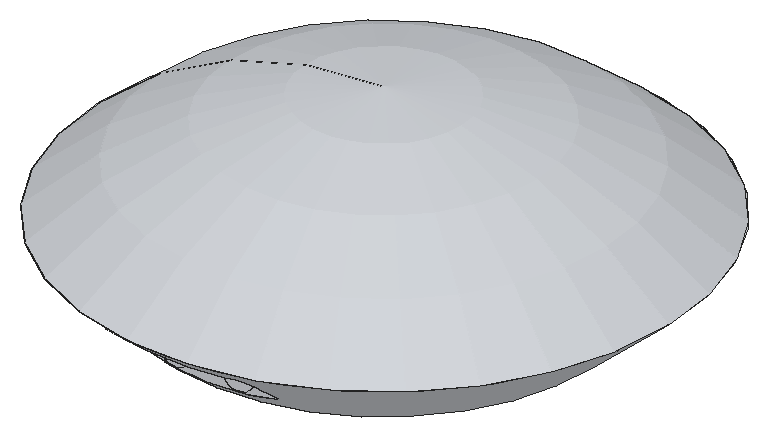
Revit family "0049022 Sylvania Lighting Fixture Start Surface IP66 2400lm 830 MW IK10 BLK", category Lighting Fixtures, host Face, Revit 2016
Family settings
  Host = Face
  Part Type = Normal
  Round Connector Dimension = Use Diameter
  OmniClass Number = 23.80.70.00
  OmniClass Title = Lighting
  Cut with Voids When Loaded = No
  Light Source = Yes
  Shared = No
  Room Calculation Point = No
Parameters (values of type "Type Name")
  power entry width = 90 mm
  power entry height = 28 mm
  power connector height = 12.5 mm
  power connector centres = 39 mm
  height = 110 mm
  connector position 2 = 40 mm
  connector length = 2 mm
  base height = 40 mm
  backplate diameter = 256 mm
  Weight = ""
  Wattage Comments = ""
  Wattage = 9.2903 W
  WarrantyStartDate [instance] = "n/a"
  WarrantyGuarantorParts = "n/a"
  WarrantyDurationUnit = "n/a"
  WarrantyDurationParts = "n/a"
  WarrantyDescription = "n/a"
  built-in parameter 1150110 = 1 (stored number, unit not read)
  Voltage = 0 V
  URL = "http://www.feilosylvania.com"
  TypeName = ""
  Type Image = <None>
  Type Comments = "n/a"
  Tube Diameter = 80 mm
  built-in parameter 1114217 = 1 (stored number, unit not read)
  Tilt Angle = 90.00°
  built-in parameter 1150109 = 1 (stored number, unit not read)
  built-in parameter 1150134 = 3
  built-in parameter 1150113 = 1 (stored number, unit not read)
  SerialNumber [instance] = "n/a"
  Photometric Web File = "0049022-450mA.ies"
  Material_3_FEILO = none
  PowerFactor = 0
  PowerConsumption = ""
  NominalLength = 0 mm
  NominalHeight = 0 mm
  NominalDepth = 0 mm
  Name = ""
  ModelReference = Name  # ""
  ModelNumber = ""
  Model = Name  # ""
  Material = ""
  ManufacturerName = "Feilo Sylvania"
  Manufacturer = "Feilo Sylvania"
  LuminousEfficacy = ""
  built-in parameter 1150105 = 109.82 (stored number, unit not read)
  Lumens = 1380 lm
  LuminaireType = ""
  built-in parameter 1150115 = 1 (stored number, unit not read)
  LightOutputRatio = ""
  built-in parameter 1150137 = (empty or 0)
  built-in parameter 1150139 = (empty or 0)
  LampsType = Lamp  # ""
  LampNominalLuminous = ""
  LampMacAdamStep = ""
  LampColourTemperature = ""
  LampColourRenderingIndex = ""
  built-in parameter 1150112 = 1 (stored number, unit not read)
  built-in parameter 1150114 = 1 (stored number, unit not read)
  Lamp = ""
  Keynote = "16500"
  InstallationDate [instance] = "n/a"
  InputVoltage = ""
  InputNominalFrequency = ""
  built-in parameter 1150132 = (empty or 0)
  built-in parameter 1150102 = (empty or 0)
  built-in parameter 1150107 = 3200 (stored number, unit not read)
  built-in parameter 1150138 = (empty or 0)
  IngressProtection = ""
  ImpactProtectionIndex = ""
  built-in parameter 1150106 = 1.0982 (stored number, unit not read)
  IfcExportType = "IfcLightFixtureType"
  IfcExportAs = "IfcLightFixtureType"
  Height = 250 mm
  ExpectedLife = 50000
  Emit from Circle Diameter = 609.6 mm
  Emit Shape Visible in Rendering = no
  ElectricShockClassification = ""
  built-in parameter 1150104 = 13.8 (stored number, unit not read)
  DurationUnit = "hours"
  DocumentationLiterature = ""
  DimmingControlOptions = ""
  Material_2_FEILO = none
  Dimming Lamp Color Temperature Shift = <None>
  Diameter = 350 mm
  Description = ""
  Default Elevation = 1219.2 mm
  CreatedOn = ""
  CreatedBy = ""
  Cost = 0
  Color Filter = 16777215
  built-in parameter 1114216 [instance] = (empty or 0)
  ClassificationValue = "EF_70_80"
  ClassificationName = "Uniclass2015"
  Material_1_FEILO = none
  BarCode [instance] = "n/a"
  built-in parameter 1114218 = 1 (stored number, unit not read)
  built-in parameter 1150133 = 10 (stored number, unit not read)
  AssetType = ""
  AssetIdentifier [instance] = "n/a"
  Assembly Code = "D5020200"
  Apparent Load = 0 VA
  Material_4_FEILO = none
Reference planes
  plane 1 "Center (Front/Back)": y = 0
  plane 2: z = 0
  plane 3 "Center (Left/Right)": x = 0
  plane 4: z = 0
  plane 5: y = 128
  plane 6: y = -128
  plane 7: y = 175
  plane 8: y = -175
  plane 9: z = 40
  plane 10: z = 110
  plane 11: x = -45.686
  plane 12: x = 44.314
  plane 13: z = 5
  plane 14: z = 33
  plane 15: y = -135
  plane 16: x = 19.5
  plane 17: x = -19.5
  plane 18: z = 20.5
  plane 19: y = -137
  plane 20: y = 135
Forms (mm)
  Blend 1, solid, detail levels medium+fine
    base sketch origin (4.2, 0, 0) x (1, 0, 0) y (0, 1, 0)
      loop
        circle (-4.2, 0) r 128
    top sketch origin (4.2, 0, 0) x (1, 0, 0) y (0, 1, 0)
      loop
        circle (-4.2, 0) r 175
    from 0 to 40
  Revolve 2, solid, detail levels medium+fine
    sketch origin (0, 0, 0) x (1, 0, 0) y (0, 0, 1)
      loop
        arc (175, 40) -> (94.148, 91.621) -> (0, 110) r 257.018
        line (0, 110) -> (0, 40) -> (175, 40)
      axis (0, 110) -> (0, 40)
    angle from -180 to 179.914
  Extrusion 3, void
    sketch origin (0, 0, 0) x (1, 0, 0) y (0, 0, 1)
      loop
        line (-45.686, 25.025) -> (-45.686, 5) -> (44.314, 5) -> (44.314, 25.025)
        arc (44.314, 25.025) -> (42.644, 30.018) -> (38.304, 33) r 8.297
        line (38.304, 33) -> (-39.676, 33)
        arc (-39.676, 33) -> (-44.015, 30.018) -> (-45.686, 25.025) r 8.297
    from 135 to 166.869
  Extrusion 4, solid, detail levels fine
    sketch origin (1524, -324.9, 1219.2) x (1, 0, 0) y (0, 0, 1)
      loop
        circle (-1504.5, -1198.7) r 11
      loop
        circle (-1543.5, -1198.7) r 11
    from -189.9 to -187.9
  Extrusion 5, void
    sketch origin (-0.686, -5.131, 0) x (-1, 0, 0) y (0, 0, 1)
      loop
        line (-45.686, 25.025) -> (-45.686, 5) -> (44.314, 5) -> (44.314, 25.025)
        arc (44.314, 25.025) -> (42.644, 30.018) -> (38.304, 33) r 8.297
        line (38.304, 33) -> (-39.676, 33)
        arc (-39.676, 33) -> (-44.015, 30.018) -> (-45.686, 25.025) r 8.297
    from 140.131 to 175.131
  Extrusion 6, solid
    sketch origin (1524, -52.9, 1219.2) x (1, 0, 0) y (0, 0, 1)
      loop
        circle (-1504.5, -1198.7) r 11
      loop
        circle (-1543.5, -1198.7) r 11
    from -189.9 to -187.9
  Extrusion 7, solid, detail levels coarse
    sketch origin (0, 1219.2, 38) x (1, 0, 0) y (0, 1, 0)
      loop
        line (175.117, -1396.13) -> (175.117, -1044.2) -> (-175, -1044.2) -> (-175, -1396.13) -> (175.117, -1396.13)
    from -38 to 72
Cuts and joins
  Extrusion 3, Extrusion 5 cuts Blend 1
  Extrusion 5 cuts Extrusion 4
Dimensions and locks
  "backplate diameter": plane 5 to plane 6
  equal spacing: plane 5, plane 1 "Center (Front/Back)", plane 6
  "Diameter": plane 7 to plane 8
  equal spacing: plane 7, plane 1 "Center (Front/Back)", plane 8
  "base height": plane 9 to level
  "height": plane 10 to host face
  "power entry width": plane 12 to plane 11
  plane 12 to imposter light to plane 11 = 44.201 mm, 45.799 mm
  "power entry height": plane 14 to plane 13
  "power connector centres": plane 17 to plane 16
  equal spacing: plane 17, plane 3 "Center (Left/Right)", plane 16
  "power connector height": plane 18 to plane 14
  "connector length": plane 15 to plane 19
  "connector position 2": plane 7 to plane 20
  aligned and locked: plane 2 to host face
  aligned and locked: level to host face
  aligned and locked: plane 10 to Extrusion 7
Automatic sketch dimensions
  host sketch curve to host sketch curve = 2438.4 mm  (x2)
  plane 1 "Center (Front/Back)" to Blend 1 sketch curve = 0 mm  (x2)
  Blend 1 sketch curve to plane 3 "Center (Left/Right)" = 0 mm  (x2)
  Revolve 2 sketch curve to plane 3 "Center (Left/Right)" = 0 mm  (x2)
  Revolve 2 sketch curve to plane 9 = 0 mm
  Revolve 2 sketch curve to plane 10 = 0 mm
  Revolve 2 sketch curve to plane 3 "Center (Left/Right)" = 1.306 mm
  plane 3 "Center (Left/Right)" to Revolve 2 sketch curve = 175 mm
  Revolve 2 sketch curve to level = 47.821 mm
  Revolve 2 sketch curve to Revolve 2 sketch curve = 80 mm
  Extrusion 3 sketch curve to plane 11 = 0 mm
  Extrusion 3 sketch curve to plane 14 = 0 mm
  Extrusion 3 sketch curve to plane 12 = 0 mm
  Extrusion 3 sketch curve to plane 13 = 0 mm
  plane 11 to Extrusion 3 sketch curve = 6.01 mm
  plane 18 to Extrusion 3 sketch curve = 4.525 mm  (x2)
  Extrusion 3 sketch curve to Extrusion 3 sketch curve = 8.297 mm
  plane 17 to Extrusion 4 sketch curve = 0 mm
  plane 16 to Extrusion 4 sketch curve = 0 mm
  Extrusion 4 sketch curve to plane 18 = 0 mm  (x2)
  Extrusion 5 sketch curve to plane 13 = 0 mm
  Extrusion 5 sketch curve to plane 14 = 0 mm
  plane 12 to Extrusion 5 sketch curve = 0.686 mm
  Extrusion 5 sketch curve to plane 12 = 5.324 mm
  plane 18 to Extrusion 5 sketch curve = 4.525 mm
  plane 11 to Extrusion 5 sketch curve = 8.982 mm
  plane 11 to Extrusion 5 sketch curve = 6.696 mm
  plane 11 to Extrusion 5 sketch curve = 0.686 mm
  plane 17 to Extrusion 6 sketch curve = 0 mm
  plane 16 to Extrusion 6 sketch curve = 0 mm
  Extrusion 6 sketch curve to plane 18 = 0 mm  (x2)
  Extrusion 7 sketch curve to plane 8 = 1.93 mm
  Extrusion 7 sketch curve to plane 11 = 129.314 mm
  plane 12 to Extrusion 7 sketch curve = 130.802 mm
  plane 5 to Extrusion 7 sketch curve = 47 mm
  radius of Blend 1 sketch curve = 128 mm
  radius of Blend 1 sketch curve = 175 mm
  radius of Extrusion 4 sketch curve = 11 mm  (x2)
  radius of Extrusion 6 sketch curve = 11 mm  (x2)
Connectors
  electrical at (19.5, 137, 20.5)
    settings: on Extrusion 6, index 1, voltage 0 V, apparent load 0 VA, apparent load phase1 0 VA, apparent load phase2 0 VA, apparent load phase3 0 VA, power factor 1, load classification "Other", number of poles 1, system type 31, power factor state 1, is connector primary yes, connector utility no, sub classification motor no, connector description ""
